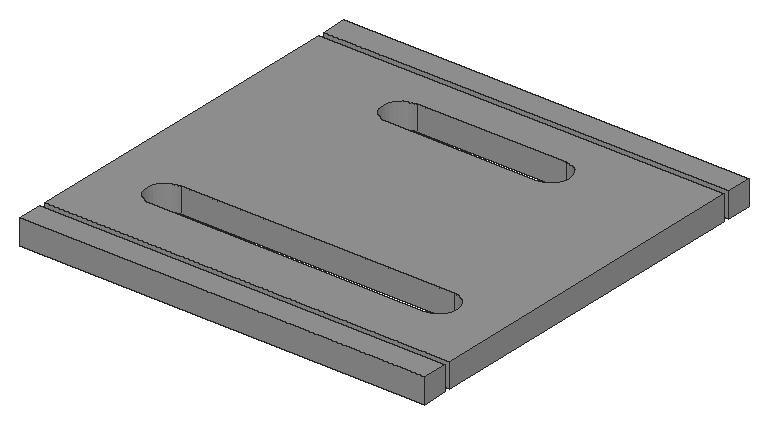
Revit family "KEUCO_44977011701", category Allgemeines Modell, Revit 2016
Family settings
  Teiletyp = Normal
  Kann Basisbauteil für Bewehrung sein = Nein
  Bemaßung runder Anschluss = Durchmesser verwenden
  Arbeitsebenenbasiert = Ja
  Immer vertikal = Nein
  Beim Laden mit Abzugskörper schneiden = Nein
  Gemeinsam genutzt = Nein
  Raumberechnungspunkt = Nein
Parameters (values of type "44977015102")
  Verwendung = "WP"  # constant formula
  Preisgruppe = ""
  Kategorie = ""
  Gewicht = 0
  Breite = 326 mm  # constant formula
  URL = "https://www.keuco.com/de/produkte/sortiment/artikel/?pid=44977&oid=1&pgo=5&country=de&lang=de&vid=44977015102"
  Materialien bei Hersteller anfragen = "Anfrage zu:  objektmanagement@keuco.de"
  Material = Stahl, verchromt
  Höhe = 325 mm  # constant formula
  Beschreibung = "für die Wandeinbau-Montage\r\nFront: Aluminium lackiert\r\nwahlweise Aluminium silber (RAL 9006) oder weiß (RAL 9010)\r\nWandeinbaukorpus: Stahlblech verzinkt und lackiert\r\n\r\nkomplett, bestehend aus:\r\n- Aufnahme für Kleenexbox\r\n- Papiertuchspender (geeignet für die Aufnahme von\r\n  ca. 100 Stück Papierhandtüchern bei einer Abmessung\r\n  von 25 x 23 cm in Z-Faltung)"
  Default Elevation = 1219.2 mm
  Serie = "Plan"  # constant formula
  Material Tür = Aluminium 1100-H18
  Hersteller = "KEUCO"  # constant formula
  Assembly Code = ""
  Ausschreibungstext = "KEUCO PLAN INTEGRAL Waschtisch Modul 3, 44977015102 \r\nfür die Wandeinbau-Montage\r\nzeitloses Waschtisch Modul in funktionellem Design\r\n\r\nKorpus:\r\nStahlblech, gekantet, \r\nverzinkt und pulverbeschichtet, (RAL 9006 Aluminium silber), \r\nMontagelöcher seitlich, Deckblenden aus Zinkdruckguss, verchromt\r\n\r\nTür:\r\nAluminium, lackiert (RAL 9010 weiß), \r\nrechts angeschlagen, mit verdeckter Griffmulde, \r\nmit Öffnungssperre und verdeckt integriertem Lösemechanismus, \r\nmit zwei Entnahme-Öffnungen\r\n\r\nkomplett, bestehend aus:\r\n- Aufnahme für Kleenexbox \r\n- Papiertuchspender (geeignet für die Aufnahme \r\n  von ca. 100 Stück Papiertüchern in der Abmessung von\r\n  25 x 325 x 143 cm in Z-Faltung)\r\n\r\nAußenmaße: Höhe 325 mm, Breite 326 mm, Tiefe 143 mm\r\n\r\nAusschnittsmaße: Höhe 302 mm, Breite 302 mm, Tiefe 125 mm"
  Artikelnummer = "44977015102"
Types (4, lengths in mm): name | URL | Materialien bei Hersteller anfragen | Material Tür | Ausschreibungstext | Artikelnummer
  44977011701 | "https://www.keuco.com/de/produkte/sortiment/artikel/?pid=44977&oid=1&pgo=5&country=de&lang=de&vid=44977011701" | "Request to:  objektmanagement@keuco.de" | Aluminium 1100-H18 | "KEUCO PLAN INTEGRAL Waschtisch Modul 3, 44977011701 \r\nfür die Wandeinbau-Montage\r\nzeitloses Waschtisch Modul in funktionellem Design\r\n\r\nKorpus:\r\nStahlblech, gekantet, \r\nverzinkt und pulverbeschichtet, (RAL 9006 Aluminium silber), \r\nMontagelöcher seitlich, Deckblenden aus Zinkdruckguss, verchromt\r\n\r\nTür:\r\nAluminium, lackiert (RAL 9006 Aluminium silber), \r\nlinks angeschlagen, mit verdeckter Griffmulde, \r\nmit Öffnungssperre und verdeckt integriertem Lösemechanismus, \r\nmit zwei Entnahme-Öffnungen\r\n\r\nkomplett, bestehend aus:\r\n- Aufnahme für Kleenexbox \r\n- Papiertuchspender (geeignet für die Aufnahme \r\n  von ca. 100 Stück Papiertüchern in der Abmessung von\r\n  25 x 325 x 143 cm in Z-Faltung)\r\n\r\nAußenmaße: Höhe 325 mm, Breite 326 mm, Tiefe 143 mm\r\n\r\nAusschnittsmaße: Höhe 302 mm, Breite 302 mm, Tiefe 125 mm" | "44977011701"
  44977011702 | "https://www.keuco.com/de/produkte/sortiment/artikel/?pid=44977&oid=1&pgo=5&country=de&lang=de&vid=44977011702" | "Request to:  objektmanagement@keuco.de" | Aluminium 1100-H18 | "KEUCO PLAN INTEGRAL Waschtisch Modul 3, 44977011702 \r\nfür die Wandeinbau-Montage\r\nzeitloses Waschtisch Modul in funktionellem Design\r\n\r\nKorpus:\r\nStahlblech, gekantet, \r\nverzinkt und pulverbeschichtet, (RAL 9006 Aluminium silber), \r\nMontagelöcher seitlich, Deckblenden aus Zinkdruckguss, verchromt\r\n\r\nTür:\r\nAluminium, lackiert (RAL 9006 Aluminium silber), \r\nrechts angeschlagen, mit verdeckter Griffmulde, \r\nmit Öffnungssperre und verdeckt integriertem Lösemechanismus, \r\nmit zwei Entnahme-Öffnungen\r\n\r\nkomplett, bestehend aus:\r\n- Aufnahme für Kleenexbox \r\n- Papiertuchspender (geeignet für die Aufnahme \r\n  von ca. 100 Stück Papiertüchern in der Abmessung von\r\n  25 x 325 x 143 cm in Z-Faltung)\r\n\r\nAußenmaße: Höhe 325 mm, Breite 326 mm, Tiefe 143 mm\r\n\r\nAusschnittsmaße: Höhe 302 mm, Breite 302 mm, Tiefe 125 mm" | "44977011702"
  44977015101 | "https://www.keuco.com/de/produkte/sortiment/artikel/?pid=44977&oid=1&pgo=5&country=de&lang=de&vid=44977015101" | "Request to:  objektmanagement@keuco.de" | Weiß (RAL 9010) | "KEUCO PLAN INTEGRAL Waschtisch Modul 3, 44977015101 \r\nfür die Wandeinbau-Montage\r\nzeitloses Waschtisch Modul in funktionellem Design\r\n\r\nKorpus:\r\nStahlblech, gekantet, \r\nverzinkt und pulverbeschichtet, (RAL 9006 Aluminium silber), \r\nMontagelöcher seitlich, Deckblenden aus Zinkdruckguss, verchromt\r\n\r\nTür:\r\nAluminium, lackiert (RAL 9010 weiß), \r\nlinks angeschlagen, mit verdeckter Griffmulde, \r\nmit Öffnungssperre und verdeckt integriertem Lösemechanismus, \r\nmit zwei Entnahme-Öffnungen\r\n\r\nkomplett, bestehend aus:\r\n- Aufnahme für Kleenexbox \r\n- Papiertuchspender (geeignet für die Aufnahme \r\n  von ca. 100 Stück Papiertüchern in der Abmessung von\r\n  25 x 325 x 143 cm in Z-Faltung)\r\n\r\nAußenmaße: Höhe 325 mm, Breite 326 mm, Tiefe 143 mm\r\n\r\nAusschnittsmaße: Höhe 302 mm, Breite 302 mm, Tiefe 125 mm" | "44977015101"
  44977015102 | "https://www.keuco.com/de/produkte/sortiment/artikel/?pid=44977&oid=1&pgo=5&country=de&lang=de&vid=44977015102" | "Anfrage zu:  objektmanagement@keuco.de" | Aluminium 1100-H18 | "KEUCO PLAN INTEGRAL Waschtisch Modul 3, 44977015102 \r\nfür die Wandeinbau-Montage\r\nzeitloses Waschtisch Modul in funktionellem Design\r\n\r\nKorpus:\r\nStahlblech, gekantet, \r\nverzinkt und pulverbeschichtet, (RAL 9006 Aluminium silber), \r\nMontagelöcher seitlich, Deckblenden aus Zinkdruckguss, verchromt\r\n\r\nTür:\r\nAluminium, lackiert (RAL 9010 weiß), \r\nrechts angeschlagen, mit verdeckter Griffmulde, \r\nmit Öffnungssperre und verdeckt integriertem Lösemechanismus, \r\nmit zwei Entnahme-Öffnungen\r\n\r\nkomplett, bestehend aus:\r\n- Aufnahme für Kleenexbox \r\n- Papiertuchspender (geeignet für die Aufnahme \r\n  von ca. 100 Stück Papiertüchern in der Abmessung von\r\n  25 x 325 x 143 cm in Z-Faltung)\r\n\r\nAußenmaße: Höhe 325 mm, Breite 326 mm, Tiefe 143 mm\r\n\r\nAusschnittsmaße: Höhe 302 mm, Breite 302 mm, Tiefe 125 mm" | "44977015102"
Reference planes
  plane 1 "Center (Front/Back)": y = 0
  plane 2: z = 0
  plane 3 "Center (Left/Right)": x = 0
  plane 4: y = 325
  plane 5: z = 0
  plane 6: x = -163
  plane 7: z = 20
  plane 8: y = 162.5
  plane 9: y = 304.898
  plane 10: y = 20.102
  plane 11: y = 299.898
  plane 12: y = 25.102
  plane 13: x = 163
  plane 14: y = 269.898
  plane 15: y = 239.898
  plane 16: y = 95.102
  plane 17: y = 65.102
  plane 18: x = 125
  plane 19: x = -125
  plane 20: x = -75
  plane 21: x = 75
Forms (mm)
  Extrusion 1, solid, material "Stahl, verchromt" <- "Material"
    sketch origin (0, 0, 0) x (1, 0, 0) y (0, 1, 0)
      loop
        line (-163, 325) -> (-163, 304.898) -> (163, 304.898) -> (163, 325) -> (-163, 325)
    from 0 to 20
  Extrusion 2, solid, material "Stahl, verchromt" <- "Material"
    sketch origin (0, 775, 0) x (1, 0, 0) y (0, 1, 0)
      loop
        line (-163, -775) -> (163, -775) -> (163, -754.898) -> (-163, -754.898) -> (-163, -775)
    from 0 to 20
  Extrusion 3, solid, material "Aluminium 1100-H18" <- "Material Tür"
    sketch origin (0, 0, 0) x (1, 0, 0) y (0, 1, 0)
      loop
        line (-163, 299.898) -> (-163, 25.102) -> (163, 25.102) -> (163, 299.898) -> (-163, 299.898)
    from 0 to 20
  Extrusion 4, void
    sketch origin (0, 0, 0) x (1, 0, 0) y (0, 1, 0)
      loop
        arc (60, 239.898) -> (75, 254.898) -> (60, 269.898) r 15
        line (60, 269.898) -> (-60, 269.898)
        arc (-60, 269.898) -> (-75, 254.898) -> (-60, 239.898) r 15
        line (-60, 239.898) -> (60, 239.898)
    from 0 to 250
  Extrusion 5, void
    sketch origin (0, 0, 0) x (1, 0, 0) y (0, 1, 0)
      loop
        line (-110, 65.102) -> (110, 65.102)
        arc (110, 65.102) -> (125, 80.102) -> (110, 95.102) r 15
        line (110, 95.102) -> (-110, 95.102)
        arc (-110, 95.102) -> (-125, 80.102) -> (-110, 65.102) r 15
    from 0 to 250
Cuts and joins
  Extrusion 4, Extrusion 5 cuts Extrusion 3
Dimensions and locks
  plane 5 to plane 2 = 0 mm
  "Höhe": plane 1 "Center (Front/Back)" to plane 4
  plane 7 to plane 5 = 20 mm
  equal spacing: plane 4, plane 8, plane 1 "Center (Front/Back)"
  locked: plane 4 to plane 9 at 20.102
  locked: plane 1 "Center (Front/Back)" to plane 10 at 20.102
  plane 9 to plane 11 = 5 mm
  plane 10 to plane 12 = 5 mm
  "Breite": plane 6 to plane 13
  plane 3 "Center (Left/Right)" to plane 13 = 163 mm
  equal spacing: plane 6, plane 3 "Center (Left/Right)", plane 13
  plane 11 to plane 14 to plane 15 = 30 mm, 30 mm
  plane 16 to plane 17 to plane 12 = 30 mm, 40 mm
  equal spacing: plane 19, plane 3 "Center (Left/Right)", plane 18
  equal spacing: plane 20, plane 3 "Center (Left/Right)", plane 21
  plane 20 to plane 21 = 150 mm
  plane 19 to plane 18 = 250 mm
  aligned and locked: level to plane 2
  aligned and locked: Extrusion 1 to plane 9
  aligned and locked: Extrusion 1 to plane 6
  aligned and locked: plane 4 to Extrusion 1
  aligned and locked: plane 10 to Extrusion 2
  aligned and locked: Extrusion 2 to plane 10
  aligned and locked: plane 1 "Center (Front/Back)" to Extrusion 2
  aligned and locked: Extrusion 3 to plane 12
  aligned and locked: Extrusion 3 to plane 6
  aligned and locked: plane 5 to Extrusion 1
  aligned and locked: plane 5 to Extrusion 3
  aligned and locked: plane 5 to Extrusion 2
  aligned and locked: plane 7 to Extrusion 2
  aligned and locked: plane 7 to Extrusion 3
  aligned and locked: plane 7 to Extrusion 1
  aligned and locked: plane 11 to Extrusion 3
  aligned and locked: Extrusion 1 to plane 13
  aligned and locked: Extrusion 3 to plane 13
  aligned and locked: Extrusion 2 to plane 13
  aligned and locked: Extrusion 2 to plane 6
  aligned and locked: plane 16 to cut or joined group of Extrusion 3, Extrusion 4, Extrusion 5
  aligned and locked: cut or joined group of Extrusion 3, Extrusion 4, Extrusion 5 to plane 17
  aligned and locked: plane 15 to Extrusion 4 sketch curve
  aligned and locked: Extrusion 4 sketch curve to plane 14
Automatic sketch dimensions
  Extrusion 1 sketch curve to plane 6 = 0 mm
  Extrusion 1 sketch curve to plane 9 = 0 mm
  Extrusion 1 sketch curve to plane 4 = 0 mm
  Extrusion 2 sketch curve to plane 6 = 0 mm
  Extrusion 2 sketch curve to plane 10 = 0 mm
  plane 1 "Center (Front/Back)" to Extrusion 2 sketch curve = 0 mm
  plane 6 to Extrusion 3 sketch curve = 0 mm
  Extrusion 3 sketch curve to plane 12 = 0 mm
  plane 8 to Extrusion 3 sketch curve = 137.398 mm
  plane 3 "Center (Left/Right)" to Extrusion 1 sketch curve = 163 mm
  Extrusion 2 sketch curve to plane 3 "Center (Left/Right)" = 163 mm
  plane 3 "Center (Left/Right)" to Extrusion 3 sketch curve = 163 mm
  Extrusion 5 sketch curve to plane 17 = 0 mm
  Extrusion 5 sketch curve to plane 16 = 0 mm
  plane 19 to Extrusion 5 sketch curve = 15 mm
  Extrusion 5 sketch curve to plane 18 = 15 mm
  plane 20 to Extrusion 4 sketch curve = 15 mm
  plane 21 to Extrusion 4 sketch curve = 15 mm
  Extrusion 4 sketch curve to Extrusion 4 sketch curve = 0 mm
